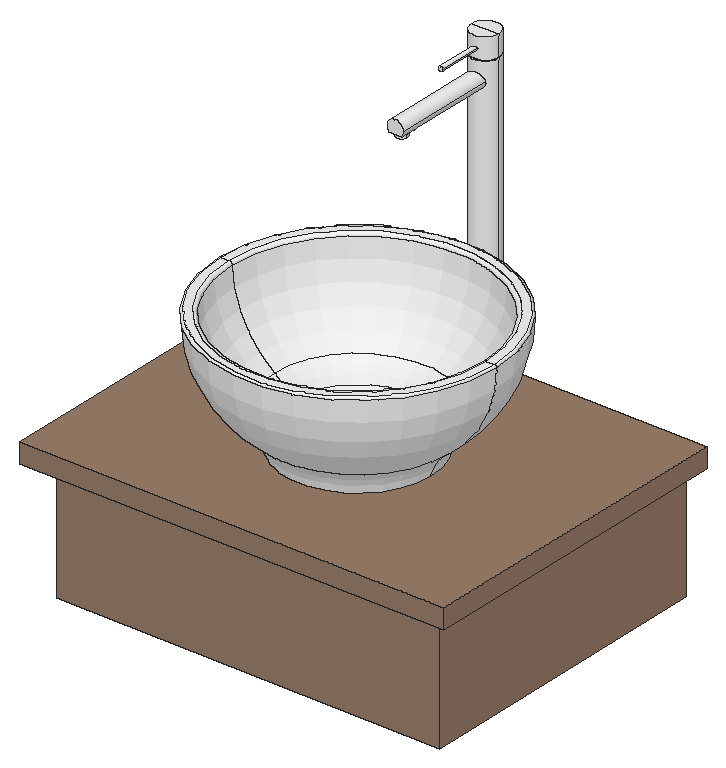
Revit family "lavamanos monserrat", category Plumbing Fixtures, Revit 2016
Family settings
  Part Type = Normal
  Round Connector Dimension = Use Diameter
  Work Plane-Based = No
  Always vertical = Yes
  Cut with Voids When Loaded = No
  Shared = No
  Room Calculation Point = No
Parameters (values of type "LM1")
  Vis - Shelf Plinth = yes
  Tap Height = 0.45 m
  Shelf Thickness = 0.03 m
  Shelf Length = 0.625 m
  Shelf Depth = 0.485 m
  Material Taps and Fittings = Metal - Chrome Polished
  Material Sink = Porcelain
  Material Shelf = Wood - Walnut Natural
  Manufacturer = "Revit"
  Keynote = "10.5.2"
  Description = ""
  Assembly Code = ""
Reference planes (m)
  plane 1 "Center (Front/Back)": y = 0
  plane 2: z = 0
  plane 3 "Center (Left/Right)": x = 0.02485
  plane 4: x = -0.28765
  plane 5: x = 0.33735
  plane 6: y = -0.485
  plane 7: y = -0.253047
Forms (m)
  Extrusion 1, solid, material "Wood - Walnut Natural" <- "Material Shelf"
    sketch origin (0, 0, 0) x (1, 0, 0) y (0, 1, 0)
      loop
        line (-0.28765, 0) -> (-0.28765, -0.485) -> (0.33735, -0.485) -> (0.33735, 0) -> (-0.28765, 0)
    from 0 to -0.03
  Revolve 2, solid, material "Porcelain" <- "Material Sink"
    sketch origin (-0.373715, -0.253047, 4.000312) x (-1, 0, 0) y (0, 0, 1)
      loop
        line (-0.381565, -3.999985) -> (-0.290071, -3.999985)
        arc (-0.290071, -3.999985) -> (-0.280471, -3.978189) -> (-0.263923, -3.96106) r 0.067768
        arc (-0.263923, -3.96106) -> (-0.212086, -3.900534) -> (-0.193526, -3.823036) r 0.170005
        arc (-0.193526, -3.823036) -> (-0.194406, -3.820918) -> (-0.196526, -3.820041) r 0.003
        line (-0.196526, -3.820041) -> (-0.208574, -3.820041)
        arc (-0.208574, -3.820041) -> (-0.21209, -3.821486) -> (-0.213574, -3.824987) r 0.005
        arc (-0.213574, -3.824987) -> (-0.230354, -3.892325) -> (-0.275654, -3.9449) r 0.149971
        arc (-0.275654, -3.9449) -> (-0.28949, -3.95734) -> (-0.300392, -3.972418) r 0.087751
        arc (-0.300392, -3.972418) -> (-0.309549, -3.981627) -> (-0.32209, -3.985) r 0.025
        line (-0.32209, -3.985) -> (-0.376565, -3.985) -> (-0.376565, -3.986535) -> (-0.381565, -3.986535) -> (-0.381565, -3.999985)
      axis (-0.398565, -3.999985) -> (-0.398565, -3.820041)
    angle from 0 to 360
  Revolve 3, solid, material "Metal - Chrome Polished" <- "Material Taps and Fittings"
    sketch origin (-0.373715, -0.253047, 4) x (-1, 0, 0) y (0, 0, 1)
      loop
        line (-0.384827, -3.985) -> (-0.384827, -3.996275) -> (-0.398565, -3.996275) -> (-0.398565, -4) -> (-0.381565, -4) -> (-0.381565, -3.986535) -> (-0.376565, -3.986535) -> (-0.376565, -3.985) -> (-0.384827, -3.985)
      axis (-0.398565, -4) -> (-0.398565, -3.985)
    angle from 0 to 360
  Extrusion 4, solid, material "Wood - Walnut Natural" <- "Material Shelf", visible <- "Vis - Shelf Plinth"
    sketch origin (0, 0, 0) x (1, 0, 0) y (0, 1, 0)
      loop
        line (-0.25765, 0) -> (-0.25765, -0.455) -> (0.30735, -0.455) -> (0.30735, 0) -> (-0.25765, 0)
    from -0.03 to -0.210149
Lines and regions (m)
  Masking region 1
    outline origin (0, 0, 0) x (1, 0, 0) y (0, 1, 0)
      loop
        line (-0.28765, 0) -> (-0.28765, -0.485) -> (0.33735, -0.485) -> (0.33735, 0) -> (-0.28765, 0)
  symbolic lines
    curve 1: arc (0.003874, -0.016654, 0) -> (0.030239, -0.425211, 0) -> (0.053054, -0.01644, 0) r 0.205074
    curve 2: circle (0.02485, -0.143047, 0) r 0.013738 normal (0, 0, 1)
    curve 3: arc (0.003637, -0.071693, 0) -> (0.026879, -0.37013, 0) -> (0.049517, -0.071647, 0) r 0.150112
    curve 4: arc (-0.00015, -0.017303, 0) -> (0.02485, 0.007697, 0) -> (0.04985, -0.017303, 0) r 0.025
    curve 5: arc (0.04985, -0.017303, 0) -> (0.02485, -0.042303, 0) -> (-0.00015, -0.017303, 0) r 0.025
    curve 6: line (0.01285, -0.183012, 0) -> (0.03685, -0.183012, 0)
    curve 7: line (0.01285, -0.183012, 0) -> (0.01285, -0.039235, 0)
    curve 8: line (0.03685, -0.183012, 0) -> (0.03685, -0.039235, 0)
    curve 9: line (-0.28765, 0, 0) -> (-0.28765, -0.485, 0)
    curve 10: line (-0.28765, -0.485, 0) -> (0.33735, -0.485, 0)
    curve 11: line (0.33735, -0.485, 0) -> (0.33735, 0, 0)
    curve 12: line (0.33735, 0, 0) -> (-0.28765, 0, 0)
Dimensions and locks (m)
  equal spacing: plane 4, plane 3 "Center (Left/Right)", plane 5
  "Shelf Length": plane 4 to plane 5
  "Shelf Depth": plane 6 to plane 1 "Center (Front/Back)"
  "Shelf Thickness": level to Extrusion 1
  plane 4 to Extrusion 4 sketch curve = 0.03 m
  Extrusion 4 sketch curve to plane 5 = 0.03 m
  plane 6 to Extrusion 4 sketch curve = 0.03 m
  aligned and locked: plane 3 "Center (Left/Right)" to nested 1
  aligned and locked: plane 1 "Center (Front/Back)" to Extrusion 4 sketch curve
  aligned and locked: Masking region 1 sketch curve to Extrusion 1  (x4)
  aligned and locked: curve 4 to nested 1
  aligned and locked: curve 5 to nested 1
  aligned and locked: curve 6 to nested 1
  aligned and locked: curve 9 to Masking region 1
  aligned and locked: curve 10 to Masking region 1
  aligned and locked: curve 11 to Masking region 1
  aligned and locked: curve 12 to Masking region 1
Automatic sketch dimensions
  Extrusion 1 sketch curve to plane 4 = 0.00 m
  Extrusion 1 sketch curve to plane 5 = 0.00 m
  Extrusion 1 sketch curve to plane 6 = 0.00 m
  Extrusion 1 sketch curve to plane 1 "Center (Front/Back)" = 0.00 m
  Revolve 3 sketch curve to level = 0.00 m
  Revolve 3 sketch curve to plane 3 "Center (Left/Right)" = 0.00 m  (x2)
  level to Revolve 3 sketch curve = 0.003725 m
  Revolve 3 sketch curve to Revolve 3 sketch curve = 0.013738 m
  Revolve 3 sketch curve to Revolve 3 sketch curve = 0.003262 m
  Revolve 3 sketch curve to Revolve 3 sketch curve = 0.005 m
  Revolve 3 sketch curve to level = 0.006992 m
  Revolve 3 sketch curve to Revolve 3 sketch curve = 0.00974 m
  Revolve 3 sketch curve to Revolve 3 sketch curve = 0.001535 m
  Revolve 3 sketch curve to Revolve 3 sketch curve = 0.012012 m
  Revolve 2 sketch curve to plane 3 "Center (Left/Right)" = 0.00 m
  level to Revolve 2 sketch curve = 0.000327 m
  Revolve 2 sketch curve to plane 3 "Center (Left/Right)" = 0.017 m
  Revolve 2 sketch curve to Revolve 2 sketch curve = 0.005 m  (x2)
  Revolve 2 sketch curve to plane 3 "Center (Left/Right)" = 0.03503 m
  Revolve 2 sketch curve to Revolve 2 sketch curve = 0.000006 m
  Revolve 2 sketch curve to Revolve 2 sketch curve = 0.054475 m
  Revolve 2 sketch curve to Revolve 2 sketch curve = 0.021698 m
  Revolve 2 sketch curve to Revolve 2 sketch curve = 0.00 m  (x5)
  Revolve 2 sketch curve to Revolve 2 sketch curve = 0.010321 m
  Revolve 2 sketch curve to Revolve 2 sketch curve = 0.024738 m
  Revolve 2 sketch curve to Revolve 2 sketch curve = 0.011731 m
  Revolve 2 sketch curve to level = 0.015693 m
  Revolve 2 sketch curve to Revolve 2 sketch curve = 0.065838 m
  Revolve 2 sketch curve to Revolve 2 sketch curve = 0.000016 m
  Revolve 2 sketch curve to Revolve 2 sketch curve = 0.06208 m
  Revolve 2 sketch curve to Revolve 2 sketch curve = 0.012048 m
  Revolve 2 sketch curve to Revolve 2 sketch curve = 0.003 m
  Revolve 2 sketch curve to level = 0.049688 m
  Revolve 2 sketch curve to Revolve 2 sketch curve = 0.000028 m
  Revolve 2 sketch curve to Revolve 2 sketch curve = 0.001535 m
  Revolve 2 sketch curve to Revolve 2 sketch curve = 0.041535 m
  curve 10 to plane 4 = 0.00 m
  plane 1 "Center (Front/Back)" to curve 12 = 0.00 m
  curve 12 to plane 5 = 0.00 m
  plane 6 to curve 9 = 0.00 m
  curve 2 to plane 3 "Center (Left/Right)" = 0.00 m
  curve 7 to plane 3 "Center (Left/Right)" = 0.012 m
  plane 3 "Center (Left/Right)" to curve 6 = 0.012 m
  curve 3 to plane 3 "Center (Left/Right)" = 0.021213 m
  curve 1 to curve 7 = 0.008976 m
  plane 3 "Center (Left/Right)" to curve 3 = 0.001877 m
  plane 7 to curve 1 = 0.032908 m
  plane 3 "Center (Left/Right)" to curve 1 = 0.004498 m
  plane 3 "Center (Left/Right)" to curve 3 = 0.024667 m
  curve 8 to curve 1 = 0.016204 m
  plane 7 to curve 3 = 0.033029 m
  curve 6 to curve 2 = 0.039964 m
  curve 3 to curve 7 = 0.032458 m
  curve 7 to curve 1 = 0.022581 m
  radius of curve 2 = 0.013738 m
Nested families (m)
  nested 1: "UK_Mdrn Tap Style C" at (0.02485, -0.017303, 0), type "UK_Mdrn Tap Style C"
    with Tap Height 0.45 m
Definition of nested family "UK_Mdrn Tap Style C"
  Parameters
    Tap Height = 0.30 m
    Material Tap = none
    Manufacturer = "Revit"
  Reference planes (m)
    plane 1 "Center (Front/Back)": y = 0
    plane 2: z = 0
    plane 3 "Center (Left/Right)": x = 0
  Forms (m)
    Revolve 1, solid, material <- "Material Tap"
      sketch origin (0, 0, 0) x (1, 0, 0) y (0, 0, 1)
        loop
          line (0, 0) -> (0, 0.3) -> (-0.02, 0.3) -> (-0.02, 0.27) -> (-0.018, 0.27) -> (-0.018, 0.268) -> (-0.02, 0.268) -> (-0.02, 0.004) -> (-0.025, 0.004) -> (-0.025, 0) -> (0, 0)
        axis (0, 0) -> (0, 0.3)
      angle from 0 to 360
    Extrusion 2, solid, material <- "Material Tap"
      sketch origin (0, 0, 0) x (1, 0, 0) y (0, 0, 1)
        loop
          circle (0, 0.283268) r 0.003
      from 0 to 0.082043
    Extrusion 3, solid, material <- "Material Tap"
      sketch origin (0, 0, 0) x (1, 0, 0) y (0, 0, 1)
        loop
          circle (0, 0.240642) r 0.012
      from 0 to 0.165708
    Extrusion 4, void
      sketch origin (0, 0, -0.00147) x (0, -1, 0) y (0, 0, 1)
        loop
          line (0.165708, 0.229642) -> (0.165708, 0.234642) -> (0.140708, 0.234642) -> (0.140708, 0.229642) -> (0.165708, 0.229642)
      from -0.015058 to 0.015415
    Extrusion 5, solid, material <- "Material Tap"
      sketch origin (0, 0, 0) x (1, 0, 0) y (0, 1, 0)
        loop
          circle (0, -0.15443) r 0.008
      from 0.227072 to 0.233172
  Cuts and joins
    Extrusion 4 cuts Revolve 1
    joined: Revolve 1, Extrusion 5
    Extrusion 4 cuts Extrusion 2
    Extrusion 4 cuts Extrusion 3
  Dimensions and locks (m)
    "Tap Height": Revolve 1 sketch curve to level
    locked: Extrusion 4 sketch curve to Extrusion 4 sketch curve at 0.005
    locked: cut or joined group of Revolve 1, Extrusion 4, Extrusion 5 to Extrusion 5 at 0.0061
    locked: cut or joined group of Revolve 1, Extrusion 4, Extrusion 5 to Extrusion 2 sketch curve at 0.016732
    locked: cut or joined group of Revolve 1, Extrusion 4, Extrusion 5 to Extrusion 3 sketch curve at 0.059358
    locked: cut or joined group of Revolve 1, Extrusion 4, Extrusion 5 to cut or joined group of Extrusion 3, Extrusion 4 at 0.066828
    aligned and locked: Extrusion 2 to plane 1 "Center (Front/Back)"
    aligned and locked: Extrusion 3 to plane 1 "Center (Front/Back)"
    aligned and locked: cut or joined group of Revolve 1, Extrusion 4, Extrusion 5 to Extrusion 5
  Automatic sketch dimensions
    Revolve 1 sketch curve to level = 0.00 m
    Revolve 1 sketch curve to plane 3 "Center (Left/Right)" = 0.00 m  (x2)
    Revolve 1 sketch curve to plane 3 "Center (Left/Right)" = 0.018 m
    Revolve 1 sketch curve to Revolve 1 sketch curve = 0.002 m  (x2)
    Revolve 1 sketch curve to Revolve 1 sketch curve = 0.00 m
    Revolve 1 sketch curve to Revolve 1 sketch curve = 0.005 m
    Revolve 1 sketch curve to level = 0.025 m
    level to Revolve 1 sketch curve = 0.004 m
    Revolve 1 sketch curve to Revolve 1 sketch curve = 0.032 m
    Revolve 1 sketch curve to Revolve 1 sketch curve = 0.024 m
    Extrusion 2 sketch curve to plane 3 "Center (Left/Right)" = 0.00 m
    Extrusion 3 sketch curve to plane 3 "Center (Left/Right)" = 0.00 m
    Extrusion 4 sketch curve to Extrusion 4 sketch curve = 0.025 m
    Extrusion 5 sketch curve to plane 3 "Center (Left/Right)" = 0.00 m
    level to Extrusion 4 sketch curve = 0.228172 m
    plane 1 "Center (Front/Back)" to Extrusion 4 sketch curve = 0.140708 m
    plane 1 "Center (Front/Back)" to Extrusion 5 sketch curve = 0.15443 m
    radius of Extrusion 2 sketch curve = 0.003 m
    radius of Extrusion 3 sketch curve = 0.012 m
    radius of Extrusion 5 sketch curve = 0.008 m
